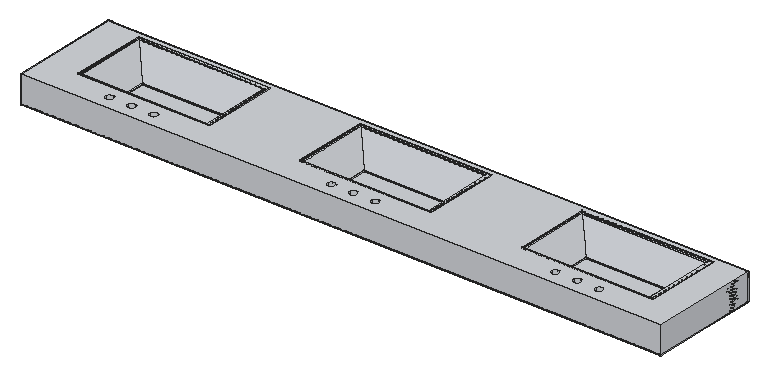
Revit family
Parameters (values of type "800 X 500")
  Cost = 1000000
  Material = none
  Manufacturer = "COCO"
  Assembly Code = "D2010440"
Reference planes
  plane 1 "Center (Front/Back)": y = 0
  plane 2: z = 0
  plane 3 "Center (Left/Right)": x = 0
  plane 4: x = -416.99
  plane 5: x = -531.989
  plane 6: x = -506.989
  plane 7: x = 591.8
  plane 8: x = 476.8
  plane 9: x = 501.8
  plane 10: x = 1601.8
  plane 11: x = 1486.8
  plane 12: x = 1511.8
Forms (mm)
  Sweep 1, solid, material <- "Material"
    path origin (-407.5, -75, 0) x (1, 0, 0) y (0, 1, 0)
      loop
        line (-99.49, 210) -> (-99.49, 550) -> (500.321, 550) -> (500.321, 210)
    profile origin (0, 305, 0) x (-1, 0, 0) y (0, 0, 1)
      loop
        line (506.989, 115) -> (506.989, 120) -> (493.098, 120)
        arc (493.098, 120) -> (492.128, 119.749) -> (491.402, 119.06) r 2
        line (491.402, 119.06) -> (417.577, 0.94)
        arc (417.577, 0.94) -> (416.851, 0.251) -> (415.881, 0) r 2
        line (415.881, 0) -> (411.636, 0) -> (411.636, -5.042) -> (419.734, -5.042) -> (494.761, 115) -> (506.989, 115)
  Sweep 2, solid, material <- "Material"
    path origin (-407.5, -75, 0) x (1, 0, 0) y (0, 1, 0)
      loop
        line (-99.49, 205) -> (500.321, 205)
    profile origin (-207.084, 0, 0) x (0, 1, 0) y (0, 0, 1)
      loop
        line (149.827, 1.749) -> (135.102, 118.251)
        arc (135.102, 118.251) -> (134.441, 119.5) -> (133.118, 120) r 2
        line (133.118, 120) -> (129.881, 120) -> (145.686, -5.042) -> (155.686, -5.042) -> (155.686, 0) -> (151.811, 0)
        arc (151.811, 0) -> (150.489, 0.5) -> (149.827, 1.749) r 2
  Extrusion 3, solid, material <- "Material"
    sketch origin (-542, -75, 0) x (1, 0, 0) y (0, 1, 0)
      loop
        arc (-119.49, 573) -> (-121.611, 572.121) -> (-122.49, 570) r 3
        line (-122.49, 570) -> (-122.49, 75) -> (2793.51, 75) -> (2793.51, 570)
        arc (2793.51, 570) -> (2792.632, 572.121) -> (2790.51, 573) r 3
        line (2790.51, 573) -> (-119.49, 573)
      loop
        circle (232.821, 139.361) r 17.5
      loop
        circle (332.821, 139.361) r 17.5
      loop
        circle (432.821, 139.361) r 17.5
      loop
        line (637.821, 550) -> (37.821, 550) -> (37.821, 205) -> (637.821, 205) -> (637.821, 550)
      loop
        circle (1242.821, 139.361) r 17.5
      loop
        circle (1342.821, 139.361) r 17.5
      loop
        circle (1442.821, 139.361) r 17.5
      loop
        line (1646.8, 550) -> (1046.8, 550) -> (1046.8, 205) -> (1646.8, 205) -> (1646.8, 550)
      loop
        circle (2262.821, 139.361) r 17.5
      loop
        circle (2362.821, 139.361) r 17.5
      loop
        circle (2462.821, 139.361) r 17.5
      loop
        line (2656.8, 550) -> (2056.8, 550) -> (2056.8, 205) -> (2656.8, 205) -> (2656.8, 550)
    from 0 to 120
  Sweep 4, solid, material <- "Material"
    path origin (-541.153, -72.479, 0) x (1, 0, 0) y (0, 1, 0)
      loop
        line (-124.49, 75) -> (-124.49, 570)
        arc (-124.49, 570) -> (-123.025, 573.536) -> (-119.49, 575) r 5
        line (-119.49, 575) -> (2787.663, 575)
        arc (2787.663, 575) -> (2791.199, 573.536) -> (2792.663, 570) r 5
        line (2792.663, 570) -> (2792.663, 75)
    profile origin (0, 250.021, 0) x (-1, 0, 0) y (0, 0, 1)
      loop
        line (663.642, 120) -> (663.642, -5) -> (664.642, -5)
        arc (664.642, -5) -> (665.349, -4.707) -> (665.642, -4) r 1
        line (665.642, -4) -> (665.642, 119)
        arc (665.642, 119) -> (665.349, 119.707) -> (664.642, 120) r 1
        line (664.642, 120) -> (663.642, 120)
  Extrusion 5, solid, material <- "Material"
    sketch origin (-125, -75, 0) x (1, 0, 0) y (0, 1, 0)
      loop
        arc (-539.49, 80) -> (-538.025, 76.464) -> (-534.49, 75) r 5
        line (-534.49, 75) -> (2370.51, 75)
        arc (2370.51, 75) -> (2374.046, 76.464) -> (2375.51, 80) r 5
        line (2375.51, 80) -> (2375.51, 570)
        arc (2375.51, 570) -> (2374.046, 573.536) -> (2370.51, 575) r 5
        line (2370.51, 575) -> (-534.49, 575)
        arc (-534.49, 575) -> (-538.025, 573.536) -> (-539.49, 570) r 5
        line (-539.49, 570) -> (-539.49, 80)
      loop
        circle (-79.646, 275) r 23
      loop
        circle (920.354, 275) r 23
      loop
        circle (1950.354, 275) r 23
    from -5.042 to 0
  Sweep 6, solid, material <- "Material"
    path origin (601.25, -75, 0) x (1, 0, 0) y (0, 1, 0)
      loop
        line (-99.49, 205) -> (500.321, 205)
    profile origin (801.666, 0, 0) x (0, 1, 0) y (0, 0, 1)
      loop
        line (149.827, 1.749) -> (135.102, 118.251)
        arc (135.102, 118.251) -> (134.441, 119.5) -> (133.118, 120) r 2
        line (133.118, 120) -> (129.881, 120) -> (145.686, -5.042) -> (155.686, -5.042) -> (155.686, 0) -> (151.811, 0)
        arc (151.811, 0) -> (150.489, 0.5) -> (149.827, 1.749) r 2
  Sweep 7, solid, material <- "Material"
    path origin (1612.5, -75, 0) x (1, 0, 0) y (0, 1, 0)
      loop
        line (-99.49, 205) -> (500.321, 205)
    profile origin (1812.916, 0, 0) x (0, 1, 0) y (0, 0, 1)
      loop
        line (149.827, 1.749) -> (135.102, 118.251)
        arc (135.102, 118.251) -> (134.441, 119.5) -> (133.118, 120) r 2
        line (133.118, 120) -> (129.881, 120) -> (145.686, -5.042) -> (155.686, -5.042) -> (155.686, 0) -> (151.811, 0)
        arc (151.811, 0) -> (150.489, 0.5) -> (149.827, 1.749) r 2
  Sweep 8, solid, material <- "Material"
    path origin (601.29, -75, 0) x (1, 0, 0) y (0, 1, 0)
      loop
        line (-99.49, 210) -> (-99.49, 550) -> (500.321, 550) -> (500.321, 210)
    profile origin (0, 305, 0) x (-1, 0, 0) y (0, 0, 1)
      loop
        line (-501.8, 115) -> (-501.8, 120) -> (-515.692, 120)
        arc (-515.692, 120) -> (-516.661, 119.749) -> (-517.388, 119.06) r 2
        line (-517.388, 119.06) -> (-591.212, 0.94)
        arc (-591.212, 0.94) -> (-591.939, 0.251) -> (-592.908, 0) r 2
        line (-592.908, 0) -> (-597.153, 0) -> (-597.153, -5.042) -> (-589.055, -5.042) -> (-514.029, 115) -> (-501.8, 115)
  Sweep 9, solid, material <- "Material"
    path origin (1611.29, -75, 0) x (1, 0, 0) y (0, 1, 0)
      loop
        line (-99.49, 210) -> (-99.49, 550) -> (500.321, 550) -> (500.321, 210)
    profile origin (0, 305, 0) x (-1, 0, 0) y (0, 0, 1)
      loop
        line (-1511.8, 115) -> (-1511.8, 120) -> (-1525.692, 120)
        arc (-1525.692, 120) -> (-1526.661, 119.749) -> (-1527.388, 119.06) r 2
        line (-1527.388, 119.06) -> (-1601.212, 0.94)
        arc (-1601.212, 0.94) -> (-1601.939, 0.251) -> (-1602.908, 0) r 2
        line (-1602.908, 0) -> (-1607.153, 0) -> (-1607.153, -5.042) -> (-1599.055, -5.042) -> (-1524.029, 115) -> (-1511.8, 115)
Lines and regions (mm)
  symbolic lines
    curve 1: line (-244.489, 500, 0) -> (244.49, 500, 0)
    curve 2: arc (244.49, 500, 0) -> (248.025, 498.536, 0) -> (249.49, 495, 0) r 5
    curve 3: line (249.49, 495, 0) -> (249.49, 5, 0)
    curve 4: arc (249.49, 5, 0) -> (248.025, 1.464, 0) -> (244.49, 0, 0) r 5
    curve 5: line (244.49, 0, 0) -> (-244.489, 0, 0)
    curve 6: arc (-244.489, 0, 0) -> (-248.025, 1.464, 0) -> (-249.489, 5, 0) r 5
    curve 7: line (-249.489, 5, 0) -> (-249.489, 495, 0)
    curve 8: arc (-249.489, 495, 0) -> (-248.025, 498.536, 0) -> (-244.489, 500, 0) r 5
    curve 9: line (-219.489, 475, 0) -> (219.49, 475, 0)
    curve 10: arc (219.49, 475, 0) -> (223.025, 473.536, 0) -> (224.49, 470, 0) r 5
    curve 11: line (224.49, 470, 0) -> (224.49, 135, 0)
    curve 12: arc (224.49, 135, 0) -> (223.025, 131.464, 0) -> (219.49, 130, 0) r 5
    curve 13: line (219.49, 130, 0) -> (-219.489, 130, 0)
    curve 14: arc (-219.489, 130, 0) -> (-223.025, 131.464, 0) -> (-224.489, 135, 0) r 5
    curve 15: line (-224.489, 135, 0) -> (-224.489, 470, 0)
    curve 16: arc (-224.489, 470, 0) -> (-223.025, 473.536, 0) -> (-219.489, 475, 0) r 5
    curve 17: line (124.106, 150.048, 0) -> (-126.022, 150.048, 0)
    curve 18: line (-126.022, 150.048, 0) -> (-129.49, 150.048, 0)
    curve 19: arc (-129.49, 150.048, 0) -> (-133.025, 151.513, 0) -> (-134.49, 155.048, 0) r 5
    curve 20: line (-134.49, 155.048, 0) -> (-134.49, 380, 0)
    curve 21: arc (-134.49, 380, 0) -> (-133.025, 383.536, 0) -> (-129.49, 385, 0) r 5
    curve 22: line (-129.49, 385, 0) -> (130.511, 385, 0)
    curve 23: line (-219.489, 470, 0) -> (-137.619, 388.13, 0)
    curve 24: line (219.49, 470, 0) -> (137.185, 387.696, 0)
    curve 25: line (219.49, 135, 0) -> (139.819, 150.477, 0)
    curve 26: line (-219.489, 135, 0) -> (-139.472, 151.032, 0)
    curve 27: arc (23.511, 200, 0) -> (0.511, 177, 0) -> (-22.489, 200, 0) r 23
    curve 28: arc (-22.489, 200, 0) -> (0.511, 223, 0) -> (23.511, 200, 0) r 23
    curve 29: arc (-36.989, 200, 0) -> (0.511, 237.5, 0) -> (38.011, 200, 0) r 37.5
    curve 30: arc (38.011, 200, 0) -> (0.511, 162.5, 0) -> (-36.989, 200, 0) r 37.5
    curve 31: arc (-16.989, 64.361, 0) -> (0.511, 81.861, 0) -> (18.011, 64.361, 0) r 17.5
    curve 32: arc (18.011, 64.361, 0) -> (0.511, 46.861, 0) -> (-16.989, 64.361, 0) r 17.5
    curve 33: arc (83.011, 64.361, 0) -> (100.511, 81.861, 0) -> (118.011, 64.361, 0) r 17.5
    curve 34: arc (118.011, 64.361, 0) -> (100.511, 46.861, 0) -> (83.011, 64.361, 0) r 17.5
    curve 35: arc (-116.989, 64.361, 0) -> (-99.489, 81.861, 0) -> (-81.989, 64.361, 0) r 17.5
    curve 36: arc (-81.989, 64.361, 0) -> (-99.489, 46.861, 0) -> (-116.989, 64.361, 0) r 17.5
    curve 37: spline (-11.99, 136.838, 0) -> (-11.564, 137.639, 0) -> (-10.315, 138.385, 0) -> (-8.328, 139.026, 0) -> (-5.74, 139.518, 0) -> (-2.725, 139.827, 0) -> (0.51, 139.933, 0) -> (3.746, 139.827, 0) -> (6.76, 139.518, 0) -> (9.349, 139.026, 0) -> (11.336, 138.385, 0) -> (12.585, 137.639, 0) -> (13.01, 136.838, 0)
    curve 38: spline (-11.99, 136.838, 0) -> (-11.564, 136.036, 0) -> (-10.315, 135.29, 0) -> (-8.328, 134.649, 0) -> (-5.74, 134.157, 0) -> (-2.725, 133.848, 0) -> (0.51, 133.742, 0) -> (3.746, 133.848, 0) -> (6.76, 134.157, 0) -> (9.349, 134.649, 0) -> (11.336, 135.29, 0) -> (12.585, 136.036, 0) -> (13.01, 136.838, 0)
    curve 39: arc (130.511, 150.048, 0) -> (134.046, 151.513, 0) -> (135.511, 155.048, 0) r 5
    curve 40: line (135.511, 155.048, 0) -> (135.511, 380, 0)
    curve 41: arc (135.511, 380, 0) -> (134.046, 383.536, 0) -> (130.511, 385, 0) r 5
Dimensions and locks
  locked: curve 1 to curve 5 at 500
  locked: curve 9 to curve 1 at 25
  locked: curve 13 to curve 5 at 130
  locked: curve 17 to curve 13 at 20.048
  locked: curve 22 to curve 17 at 234.952
  locked: curve 22 to curve 9 at 90
  curve 32 to curve 36 to curve 34 to curve 5 = 0 mm, 0 mm, 46.861 mm locked
  curve 27 to curve 30 to curve 17 = 14.5 mm locked, 12.452 mm locked
  curve 38 to curve 13 = 3.742 mm
  aligned: Extrusion 5 to Extrusion 3
